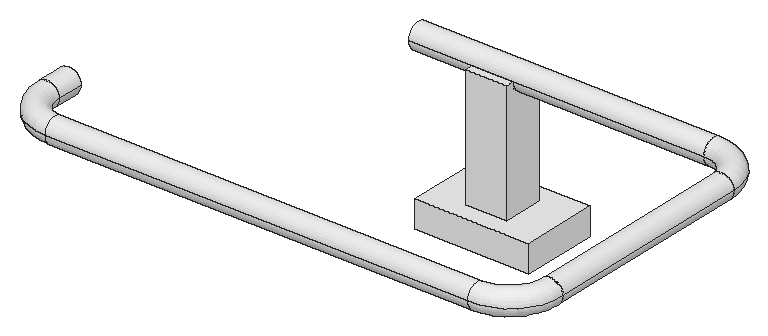
Revit family "Towel_Ring-Grohe- Essential_cubes-40510000", category Specialty Equipment, host Face, Revit 2018
Family settings
  Host = Face
  Round Connector Dimension = Use Diameter
  Part Type = Normal
  OmniClass Number = 23.40.20.21.27
  OmniClass Title = Towel Bars
  Cut with Voids When Loaded = No
  Shared = Yes
  Room Calculation Point = No
Parameters (values of type "40510001")
  Width = 93.0 mm
  Warranty Information = "Limited Lifetime Warranty"  # constant formula
  URL = "https://www.grohe.us/"
  Type Comments = ""
  Region = "North America"  # constant formula
  Product Page URL = "https://www.grohe.us/Towel-Rings/8-Inch-Towel-Ring/GROHE-CHROME-40510001"
  Product Documentation Link = "https://americanstandard.box.com/shared/static/1y732mru7jn9zbsvvvr7c3uuauwyek0e.pdf"
  Price = "Prices may vary. Please consult Manufacturer Representative for most up-to-date price list."  # constant formula
  Model = "40510001"
  Material = "Metal-Grohe-001-Starlight Chrome"
  Manufacturer = "Grohe"  # constant formula
  Length = 59.0 mm
  Installation Type = "Wall Mounted"  # constant formula
  Height = 123.0 mm
  Description = "ESSENTIALS CUBE Towel Ring"  # constant formula
  Default Elevation = 0.0 mm
  Creation Date = "06/04/2021"  # constant formula
  Body Material = Metal-Grohe-001-Starlight Chrome
  Assembly Code = "D2010710"
Reference planes
  plane 1 "Center (Front/Back)": y = 0
  plane 2: z = 0
  plane 3 "Center (Left/Right)": x = 0
  plane 4: x = 21
  plane 5: x = -21
  plane 6: y = -14
  plane 7: y = 14
  plane 8: y = -109
  plane 9: z = 10
  plane 10: z = 54.687
  plane 11: x = 93
  plane 12: x = -93
  plane 13: z = 59
Forms (mm)
  Extrusion 1, solid, material "Metal-Grohe-001-Starlight Chrome" <- "Body Material"
    sketch origin (0, 0, 0) x (1, 0, 0) y (0, 1, 0)
      loop
        line (-21, 14) -> (-21, -14) -> (21, -14) -> (21, 14) -> (-21, 14)
    from 0 to 10
  Extrusion 2, solid, material "Metal-Grohe-001-Starlight Chrome" <- "Body Material"
    sketch origin (-0.692, 1357.659, 0) x (1, 0, 0) y (0, 1, 0)
      loop
        line (-6.808, -1350.159) -> (-6.808, -1365.159) -> (8.192, -1365.159) -> (8.192, -1350.159) -> (-6.808, -1350.159)
    from 10 to 54.687
  Sweep 3, solid, material "Metal-Grohe-001-Starlight Chrome" <- "Body Material"
    path origin (0, 0, 0) x (1, 0, 0) y (0, 1, 0)
      loop
        line (-31, 0) -> (78, 0)
        arc (78, 0) -> (88.607, -4.393) -> (93, -15) r 15
        line (93, -15) -> (93, -94)
        arc (93, -94) -> (88.607, -104.607) -> (78, -109) r 15
        line (78, -109) -> (-78, -109)
        arc (-78, -109) -> (-88.607, -104.607) -> (-93, -94) r 15
        line (-93, -94) -> (-93, -84)
    profile origin (23.5, 0, 0) x (0, 1, 0) y (0, 0, 1)
      loop
        circle (0, 54.531) r 4.5
Lines and regions (mm)
  Masking region 1
    outline origin (0, 0, 0) x (1, 0, 0) y (0, 0, 1)
      loop
        line (21, 0) -> (21, 10) -> (7.5, 10) -> (7.5, 50.196) -> (93, 50.196)
        arc (93, 50.196) -> (97.491, 54.687) -> (93, 59.179) r 4.491
        line (93, 59.179) -> (-93.28, 59.179)
        arc (-93.28, 59.179) -> (-96.28, 57.769) -> (-97.5, 54.687) r 4.5
        arc (-97.5, 54.687) -> (-96.28, 51.606) -> (-93.28, 50.196) r 4.5
        line (-93.28, 50.196) -> (-7.5, 50.196) -> (-7.5, 10) -> (-21, 10) -> (-21, 0) -> (21, 0)
  symbolic lines, detail levels fine
    curve 1: line (7.5, 0, 50.196) -> (7.5, 0, 54.687)
    curve 2: line (7.5, 0, 54.687) -> (-7.5, 0, 54.687)
    curve 3: line (-7.5, 0, 54.687) -> (-7.5, 0, 50.196)
    curve 4: line (7.5, 0, 10) -> (-7.5, 0, 10)
    curve 5: arc (-94.207, 0, 50.196) -> (-88.541, 0, 53.922) -> (-93, 0, 59.031) r 4.5
    curve 6: line (-31, 0, 50.031) -> (-31, 0, 59.031)
Dimensions and locks
  "Height": plane 8 to plane 7
  plane 12 to plane 11 = 186.0 mm
  "Width": plane 12 to plane 3 "Center (Left/Right)" to plane 11
  plane 6 to plane 7 = 28.0 mm
  "Length": plane 13 to host face
  aligned and locked: plane 2 to host face
  aligned and locked: level to host face
  aligned and locked: plane 7 to Extrusion 1 sketch curve
  aligned and locked: plane 5 to Extrusion 1 sketch curve
  aligned and locked: Extrusion 1 sketch curve to plane 6
  aligned and locked: Extrusion 1 sketch curve to plane 4
  aligned and locked: Extrusion 1 to level
  aligned and locked: plane 9 to Extrusion 1
  aligned and locked: Extrusion 2 to Extrusion 1
  aligned and locked: plane 10 to Extrusion 2
  aligned and locked: curve 6 to Sweep 3
Automatic sketch dimensions
  host sketch curve to host sketch curve = 2438.4 mm  (x2)
  Extrusion 2 sketch curve to plane 3 "Center (Left/Right)" = 7.5 mm
  plane 3 "Center (Left/Right)" to Extrusion 2 sketch curve = 7.5 mm
  Extrusion 2 sketch curve to plane 6 = 6.5 mm
  plane 7 to Extrusion 2 sketch curve = 6.5 mm
  Sweep 3 sketch curve to plane 12 = 0.0 mm
  plane 8 to Sweep 3 sketch curve = 0.0 mm
  plane 1 "Center (Front/Back)" to Sweep 3 sketch curve = 0.0 mm
  Sweep 3 sketch curve to plane 11 = 0.0 mm
  Sweep 3 sketch curve to Sweep 3 sketch curve = 15.0 mm
  Sweep 3 sketch curve to plane 11 = 15.0 mm  (x2)
  Sweep 3 sketch curve to plane 5 = 10.0 mm
  Sweep 3 sketch curve to Sweep 3 sketch curve = 10.0 mm
  Sweep 3 sketch curve to profile plane = 0.0 mm
  level to Sweep 3 sketch curve = 54.531 mm
  Masking region 1 sketch curve to Masking region 1 sketch curve = 0.0 mm
  Masking region 1 sketch curve to plane 10 = 0.0 mm  (x2)
  Masking region 1 sketch curve to plane 12 = 0.0 mm
  Masking region 1 sketch curve to level = 0.0 mm
  Masking region 1 sketch curve to plane 5 = 0.0 mm
  Masking region 1 sketch curve to plane 9 = 0.0 mm  (x2)
  Masking region 1 sketch curve to plane 4 = 0.0 mm
  Masking region 1 sketch curve to plane 11 = 0.0 mm
  Masking region 1 sketch curve to plane 12 = 0.28 mm  (x2)
  Masking region 1 sketch curve to plane 3 "Center (Left/Right)" = 7.5 mm
  plane 3 "Center (Left/Right)" to Masking region 1 sketch curve = 7.5 mm
  Masking region 1 sketch curve to plane 10 = 4.491 mm
  plane 11 to Masking region 1 sketch curve = 0.0 mm
  curve 5 to plane 12 = 0.0 mm
  curve 2 to plane 10 = 0.0 mm
  curve 4 to plane 9 = 0.0 mm
  curve 2 to plane 3 "Center (Left/Right)" = 7.5 mm
  plane 3 "Center (Left/Right)" to curve 1 = 7.5 mm
  curve 5 to plane 10 = 0.156 mm
  curve 5 to plane 12 = 1.207 mm
  curve 4 to plane 3 "Center (Left/Right)" = 7.5 mm
  plane 3 "Center (Left/Right)" to curve 4 = 7.5 mm
  curve 5 to plane 10 = 4.491 mm
  curve 1 to plane 10 = 4.491 mm
  curve 3 to plane 10 = 4.491 mm
  curve 6 to plane 10 = 4.656 mm
  plane 13 to curve 6 = 0.031 mm
  radius of Sweep 3 sketch curve = 4.5 mm
